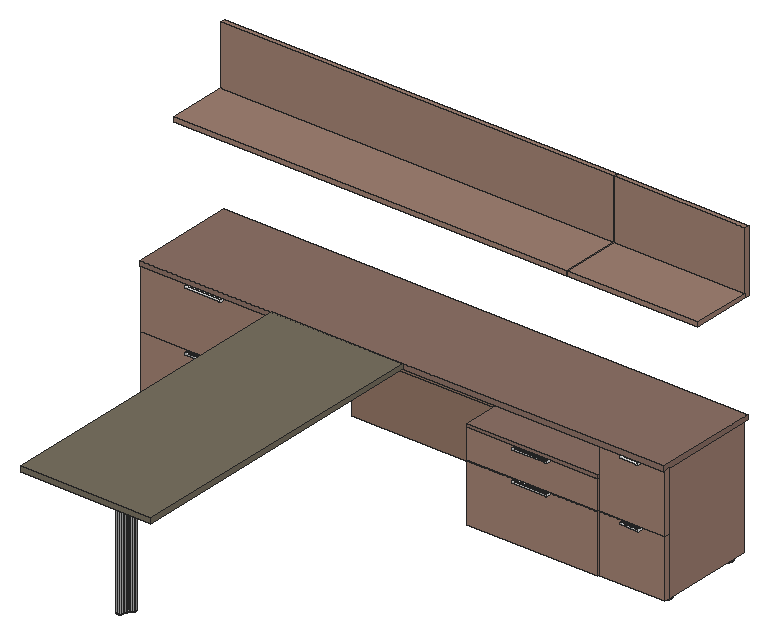
Revit family "T100092", category Furniture, Revit 2015
Parameters (values of type "T100092")
  URL = "https://ofs.com/"
  Model = "T100092"
  Manufacturer = "OFS"
  Description = "OFS TYPICAL T100092"
  Copyright © = "©OFS 2021"
  Catalog = "https://ofs.com/2020-experience"
  Authoring Version = "Autodesk Revit Architecture 2015"
  Assembly Code = "E2020400"
Reference planes (in)
  plane 1 "Center Front/Back": y = 0
  plane 2: z = 0
  plane 3 "Center Left/Right": x = 0
Dimensions and locks (in)
  aligned and locked: level to plane 2
  aligned and locked: nested 12 to nested 11
Nested families (in)
  nested 1: "OFS_APTOS_MODULAR_CABINET_TOP_LONG_GRAIN" at (-0.00001, 16.6243, 0) x (-1, 0, 0) z (0, 0, 1), type "MODULAR CABINET TOP 34-12024"
  nested 2: "OFS_APTOS_FILLER_PANEL" at (49, 28.12379, 0.75) x (1, 0, 0) z (0, 0, 1), type "FILLER PANEL 34-2806."
    with W 0' - 8"
  nested 3: "OFS_APTOS_FOLD_ DOWN _ACCESS_ BACK _PANEL" at (9.51255, 25.6404, 0) x (0, -1, 0) z (0, 0, 1), type "FOLD DOWN ACCESS BACK PANEL 34-28MFBA"
  nested 4: "OFS_APTOS_RUNOFF _WORKSURFACE_RECTANGLE" at (-14.73264, -31.37571, 0) x (0, 1, 0) z (0, 0, 1), type "RUNOFF WORKSURFACE, RECTANGLE 34-7230"
  nested 5: "OFS_APTOS_LOW_HEIGHT_MODULAR_BACK_PANEL" at (29.77847, 22.21413, 0), type "LOW HEIGHT MODULAR BACK PANEL 34-L2830"
  nested 6: "OFS_APTOS_LOW_HEIGHT_MODULAR_CABINET_TOP_18_DEPTH_LONG_GRAIN" at (29.83847, 13.71463, 0), type "LOW HEIGHT MODULAR CABINET TOP, 18" DEPTH 34-L3018"
  nested 7: "APTOS LOW HEIGHT MODULAR PEDESTAL BOX-FILE 18IN Depth" at (29.84097, 21.40163, 0), type "APTOS LOW HEIGHT MODULAR PEDESTAL BOX/FILE 30""
  nested 8: "OFS_APTOS_TRIFOIL_COLUMN" at (-14.73263, -56.12803, 0) x (0, -1, 0) z (0, 0, 1), type "TRIFOIL COLUMN 34-TFC"
  nested 9: "APTOS WORKSURFACE HEIGHT MODULAR PEDESTAL FILE-FILE 15-18IN" at (52.5, 27.68934, 0), type "APTOS WORKSURFACE HEIGHT MODULAR PEDESTAL FILE-FILE 15W x 24D"
  nested 10: "APTOS WORKSURFACE HEIGHT MODULAR PEDESTAL FILE-FILE 30-36IN" at (-45, 27.49929, 0), type "APTOS WORKSURFACE HEIGHT MODULAR PEDESTAL FILE-FILE 30W x 24D"
  nested 11: "APTOS WALLMOUNT OPEN SHELF ORGANIZER Cantilevered Fixed Shelf" at (45.11188, 28.75, 0), type "APTOS WALLMOUNT OPEN SHELF ORGANIZER Cantilevered Fixed Shelf 30""
    with Bottom Board Offset 4' - 5 3/4"
  nested 12: "APTOS WALLMOUNT OPEN SHELF ORGANIZER Cantilevered Fixed Shelf" at (-14.88812, 28.75, 0), type "APTOS WALLMOUNT OPEN SHELF ORGANIZER Cantilevered Fixed Shelf 90""
    with Bottom Board Offset 4' - 5 3/4"
  nested 13: "OFS_APTOS_FILLER_PANEL" at (-56, 28.12379, 0.75) x (1, 0, 0) z (0, 0, 1), type "FILLER PANEL 34-2806."
    with W 0' - 8"
  nested 14: "OFS_APTOS_FILLER_PANEL" at (9.51255, 28.09901, 0), type "FILLER PANEL 34-2806"
Definition of nested family "OFS_APTOS_MODULAR_CABINET_TOP_LONG_GRAIN"
  Parameters (values of type "MODULAR CABINET TOP 34-9024")
    W = 7' - 6"
    URL = "http://ofsbrands.com/products/casegoods/private-office/aptos"
    Model = "34-9024MCT"
    Manufacturer = "OFS BRANDS"
    H = 0' - 1 3/16"
    MODULAR CABINET TOP = none
    Description = "OFS BRANDS Aptos Series"
    D = 2' - 0"
    Cost = 0
    Copyright © = "© OFS BRANDS 2016"
    Catalog = "OFS BRANDS http://ofs.com"
    Authoring Version = "Autodesk Revit Architecture 2013"
    Assembly Code = "E2020200"
  Types (17): name | W | Model
    (no name) | 7' - 6" | "34-9024MCT"
    MODULAR CABINET TOP 34-11424 | 9' - 6" | "34-11424MCT"
    MODULAR CABINET TOP 34-12024 | 10' - 0" | "34-12024MCT"
    MODULAR CABINET TOP 34-10824 | 9' - 0" | "34-10824MCT"
    MODULAR CABINET TOP 34-10224 | 8' - 6" | "34-10224MCT"
    MODULAR CABINET TOP 34-9624 | 8' - 0" | "34-9624MCT"
    MODULAR CABINET TOP 34-9024 | 7' - 6" | "34-9024MCT"
    MODULAR CABINET TOP 34-8424 | 7' - 0" | "34-8424MCT"
    MODULAR CABINET TOP 34-7824 | 6' - 6" | "34-7824MCT"
    MODULAR CABINET TOP 34-7224 | 6' - 0" | "34-7224MCT"
    MODULAR CABINET TOP 34-6624 | 5' - 6" | "34-6624MCT"
    MODULAR CABINET TOP 34-6024 | 5' - 0" | "34-6024MCT"
    MODULAR CABINET TOP 34-5424 | 4' - 6" | "34-5424MCT"
    MODULAR CABINET TOP 34-4824 | 4' - 0" | "34-4824MCT"
    MODELAR CABINET TOP 34-4224 | 3' - 6" | "34-4224MCT"
    MODELAR CABINET TOP 34-3624 | 3' - 0" | "34-3624MCT"
    MODULAR CABINET TOP 34-3024 | 2' - 6" | "34-3024MCT"
  Reference planes (in)
    plane 1 "Center (Front/Back)": y = 0
    plane 2: z = 0
    plane 3 "Center (Left/Right)": x = 0
    plane 4: x = -45
    plane 5: x = 45
    plane 6: y = 12
    plane 7: y = -12
    plane 8: z = 28.3125
    plane 9: z = 29.5
  Forms (in)
    Extrusion 1, solid, material <- "MODULAR CABINET TOP"
      sketch origin (0, 0, 0) x (1, 0, 0) y (0, 1, 0)
        loop
          line (-45, 12) -> (-45, -12) -> (45, -12) -> (45, 12) -> (-45, 12)
      from 28.3125 to 29.5
  Dimensions and locks (in)
    equal spacing: plane 4, plane 3 "Center (Left/Right)", plane 5
    equal spacing: plane 7, plane 1 "Center (Front/Back)", plane 6
    "D": plane 7 to plane 6
    "H": plane 9 to plane 8
    plane 8 to level = 2' - 4 5/16"
    "W": plane 4 to plane 5
    aligned and locked: level to plane 2
    aligned and locked: plane 6 to Extrusion 1 sketch curve
    aligned and locked: plane 4 to Extrusion 1 sketch curve
    aligned and locked: Extrusion 1 sketch curve to plane 7
    aligned and locked: Extrusion 1 sketch curve to plane 5
    aligned and locked: Extrusion 1 to plane 9
    aligned and locked: Extrusion 1 to plane 8
Definition of nested family "OFS_APTOS_FILLER_PANEL"
  Parameters (values of type "FILLER PANEL 34-2806")
    W = 0' - 6"
    URL = "http://ofsbrands.com/products/casegoods/private-office/aptos"
    Model = "34-2806BFP"
    Manufacturer = "OFS BRANDS"
    FILLER PANEL = none
    Description = "OFS BRANDS Aptos Series"
    D = 0' - 1"
    Cost = 0
    Copyright © = "© OFS BRANDS 2016"
    Catalog = "OFS BRANDS http://ofs.com"
    Authoring Version = "Autodesk Revit Architecture 2013"
    Assembly Code = "E2020200"
    1 = 0' - 0.06"
  Reference planes (in)
    plane 1 "Center (Front/Back)": y = 0
    plane 2: z = 0
    plane 3 "Center (Left/Right)": x = 0
    plane 4: x = -3
    plane 5: x = 3
    plane 6: y = 0.5
    plane 7: y = -0.5
    plane 8: z = 1.5
    plane 9: z = 28.312
    plane 10: y = -0.61861
    plane 11: x = -2.94
    plane 12: x = -2.25
    plane 13: x = 2.94
    plane 14: x = 2.25
    plane 15: z = 28.2495
    plane 16: z = 1.5625
  Forms (in)
    Extrusion 1, solid, material <- "FILLER PANEL"
      sketch origin (0, 0, 0) x (1, 0, 0) y (0, 1, 0)
        loop
          line (-3, 0.5) -> (-3, -0.5) -> (3, -0.5) -> (3, 0.5) -> (-3, 0.5)
      from 1.5 to 28.312
    Extrusion 2, solid, material <- "FILLER PANEL"
      sketch origin (0, 0, 0) x (1, 0, 0) y (0, 1, 0)
        loop
          line (-2.94, -0.5) -> (-2.94, -0.61861) -> (-2.25, -0.61861) -> (-2.25, -0.5) -> (-2.94, -0.5)
      from 1.5625 to 28.2495
    Extrusion 3, solid, material <- "FILLER PANEL"
      sketch origin (0, 0, 0) x (1, 0, 0) y (0, 1, 0)
        loop
          line (2.25, -0.5) -> (2.25, -0.61861) -> (2.94, -0.61861) -> (2.94, -0.5) -> (2.25, -0.5)
      from 1.5625 to 28.2495
  Dimensions and locks (in)
    equal spacing: plane 7, plane 1 "Center (Front/Back)", plane 6
    "D": plane 7 to plane 6
    "W": plane 4 to plane 5
    equal spacing: plane 4, plane 3 "Center (Left/Right)", plane 5
    locked: plane 10 to plane 7 at 0.11861
    "1": plane 4 to plane 11
    locked: plane 11 to plane 12 at 0.69
    locked: plane 14 to plane 13 at 0.69
    "1": plane 13 to plane 5
    aligned and locked: level to plane 2
    aligned and locked: plane 6 to Extrusion 1 sketch curve
    aligned and locked: plane 4 to Extrusion 1 sketch curve
    aligned and locked: Extrusion 1 sketch curve to plane 7
    aligned and locked: Extrusion 1 sketch curve to plane 5
    aligned and locked: plane 7 to Extrusion 2 sketch curve
    aligned and locked: plane 11 to Extrusion 2 sketch curve
    aligned and locked: Extrusion 2 sketch curve to plane 10
    aligned and locked: Extrusion 2 sketch curve to plane 12
    aligned and locked: plane 15 to Extrusion 2
    aligned and locked: Extrusion 2 to plane 16
    aligned and locked: plane 7 to Extrusion 3 sketch curve
    aligned and locked: plane 14 to Extrusion 3 sketch curve
    aligned and locked: Extrusion 3 sketch curve to plane 10
    aligned and locked: Extrusion 3 sketch curve to plane 13
    aligned and locked: plane 15 to Extrusion 3
    aligned and locked: Extrusion 1 to plane 8
    aligned and locked: plane 9 to Extrusion 1
Definition of nested family "OFS_APTOS_FOLD_ DOWN _ACCESS_ BACK _PANEL"
  Parameters (values of type "FOLD DOWN ACCESS BACK PANEL 34-28MFBB")
    W = 4' - 0.06"
    URL = "http://ofsbrands.com/products/casegoods/private-office/aptos"
    Support Bracket in Center Attaches to Worksurface = yes
    Support Bracket = none
    Model = "34-28MFBB"
    Manufacturer = "OFS BRANDS"
    H2 = 0' - 10.99482"
    H1 = 1' - 1 15/64"
    H = 2' - 2.48325"
    FOOT_2 = none
    FOOT = none
    Panel = none
    Description = "OFS BRANDS Aptos Series"
    D = 0' - 5 3/4"
    Cost = 0
    Copyright © = "© OFS BRANDS 2016"
    Catalog = "OFS BRANDS http://ofs.com"
    Authoring Version = "Autodesk Revit Architecture 2013"
    Assembly Code = "E2020200"
  Types (5): name | W | Support Bracket in Center Attaches to Worksurface | Model
    (no name) | 4' - 0.06" | yes | "34-28MFBB"
    FOLD DOWN ACCESS BACK PANEL 34-28MFBD | 1' - 0" | no | "34-28MFBD"
    FOLD DOWN ACCESS BACK PANEL 34-28MFBC | 2' - 6" | no | "34-28MFBC"
    FOLD DOWN ACCESS BACK PANEL 34-28MFBB | 4' - 0.06" | yes | "34-28MFBB"
    FOLD DOWN ACCESS BACK PANEL 34-28MFBA | 5' - 11" | yes | "34-28MFBA"
  Reference planes (in)
    plane 1 "Center (Front/Back)": y = 0
    plane 2: z = 0
    plane 3 "Center (Left/Right)": x = 0
    plane 4: x = -2.875
    plane 5: x = 2.875
    plane 6: y = 24.03
    plane 7: y = -24.03
    plane 8 "F2": y = 22.00621
    plane 9 "F1": y = -22.0534
    plane 10: z = 1.533
    plane 11: z = 28.01625
    plane 12: z = 14.76737
    plane 13: z = 14.80084
    plane 14: y = -0.3984
    plane 15: y = 0.3984
    plane 16: z = 25.79566
    plane 17: y = -23.3034
    plane 18: y = 23.2566
    plane 19: x = 2.12238
    plane 20 "C/F1": x = -0.38035
    plane 21: z = 2.303
  Forms (in)
    Revolve 1, solid, material <- "FOOT"
      sketch origin (0, -22.0534, 0) x (1, 0, 0) y (0, 0, 1)
        loop
          line (-1.25039, 1.533) -> (-1.22861, 0.28477)
          arc (-1.22861, 0.28477) -> (-1.2202, 0.26319) -> (-1.20117, 0.25) r 0.0396
          line (-1.20117, 0.25) -> (-0.38035, 0.25) -> (-0.38035, 1.533) -> (-1.25039, 1.533)
        axis (-0.38035, 1.533) -> (-0.38035, 0.25)
      angle from 0 to 360
    Revolve 2, solid, material <- "FOOT_2"
      sketch origin (0, -22.0534, 0) x (1, 0, 0) y (0, 0, 1)
        loop
          line (-0.31794, 0.27519) -> (-0.31794, 0.2076)
          arc (-0.31794, 0.2076) -> (-0.30116, 0.18781) -> (-0.27956, 0.17346) r 0.09254
          line (-0.27956, 0.17346) -> (-0.16114, 0.17346) -> (-0.16114, 0) -> (0.0425, 0)
          arc (0.0425, 0) -> (0.15303, 0.11053) -> (0.0425, 0.22106) r 0.11053
          line (0.0425, 0.22106) -> (-0.0155, 0.22106) -> (-0.0155, 0.27519) -> (-0.31794, 0.27519)
        axis (-0.38035, 0.27519) -> (-0.38035, 0)
      angle from 0 to 360
    Revolve 3, solid, material <- "FOOT"
      sketch origin (0, 22.00621, 0) x (1, 0, 0) y (0, 0, 1)
        loop
          line (-0.38035, 0.25) -> (0.43242, 0.25)
          arc (0.43242, 0.25) -> (0.45657, 0.25988) -> (0.46687, 0.28385) r 0.03445
          line (0.46687, 0.28385) -> (0.48868, 1.533) -> (-0.38035, 1.533) -> (-0.38035, 0.25)
        axis (-0.38035, 0.25) -> (-0.38035, 1.533)
      angle from 0 to 360
    Revolve 4, solid, material <- "FOOT_2"
      sketch origin (0, 22.00621, 0) x (1, 0, 0) y (0, 0, 1)
        loop
          line (-0.32347, 0.283) -> (-0.32347, 0.2406)
          arc (-0.32347, 0.2406) -> (-0.31333, 0.20185) -> (-0.28509, 0.17346) r 0.0769
          line (-0.28509, 0.17346) -> (-0.16667, 0.17346) -> (-0.16667, 0) -> (0.0439, 0)
          arc (0.0439, 0) -> (0.1543, 0.11039) -> (0.0439, 0.22079) r 0.11039
          line (0.0439, 0.22079) -> (-0.01518, 0.22079) -> (-0.01518, 0.283) -> (-0.32347, 0.283)
        axis (-0.38035, 0.283) -> (-0.38035, 0)
      angle from 0 to 360
    Extrusion 5, solid, material <- "Panel"
      sketch origin (0, 0, 0) x (1, 0, 0) y (0, 1, 0)
        loop
          line (-2.875, 24.03) -> (-2.875, 23.2566) -> (2.12238, 23.2566) -> (2.12238, 24.03) -> (-2.875, 24.03)
      from 1.533 to 28.01625
    Extrusion 6, solid, material <- "Panel"
      sketch origin (0, 0, 0) x (1, 0, 0) y (0, 1, 0)
        loop
          line (-2.875, -23.3034) -> (-2.875, -24.03) -> (2.12238, -24.03) -> (2.12238, -23.3034) -> (-2.875, -23.3034)
      from 1.533 to 28.01625
    Extrusion 7, solid, material <- "Panel"
      sketch origin (0, 0, 0) x (1, 0, 0) y (0, 1, 0)
        loop
          line (2.875, 24.03) -> (2.12238, 24.03) -> (2.12238, -24.03) -> (2.875, -24.03) -> (2.875, 24.03)
      from 1.533 to 14.76737
    Extrusion 8, solid, material <- "Panel"
      sketch origin (0, 0, 13.26784) x (1, 0, 0) y (0, 1, 0)
        loop
          line (2.875, 24.03) -> (2.12238, 24.03) -> (2.12238, -24.03) -> (2.875, -24.03) -> (2.875, 24.03)
      from 1.533 to 12.52782
    Extrusion 9, solid, material <- "Panel"
      sketch origin (0, 0, 0) x (1, 0, 0) y (0, 1, 0)
        loop
          line (-2.875, 23.2566) -> (-2.875, -23.3034) -> (2.12238, -23.3034) -> (2.12238, 23.2566) -> (-2.875, 23.2566)
      from 1.533 to 2.303
    Extrusion 10, solid, material <- "Panel", visible <- "Support Bracket in Center Attaches to Worksurface"
      sketch origin (0, 0, 0) x (1, 0, 0) y (0, 1, 0)
        loop
          line (-2.875, 0.3984) -> (-2.875, -0.3984) -> (2.12238, -0.3984) -> (2.12238, 0.3984) -> (-2.875, 0.3984)
      from 2.303 to 27.76625
    Extrusion 11, solid, material <- "Panel", visible <- "Support Bracket in Center Attaches to Worksurface"
      sketch origin (0, 0, 0) x (0, 1, 0) y (0, 0, 1)
        loop
          line (0.05, 25.79566) -> (-0.05, 25.79566) -> (-0.05, 14.80084) -> (0.05, 14.80084) -> (0.05, 25.79566)
      from 2.12238 to 2.875
  Dimensions and locks (in)
    equal spacing: plane 4, plane 3 "Center (Left/Right)", plane 5
    equal spacing: plane 7, plane 1 "Center (Front/Back)", plane 6
    "W": plane 7 to plane 6
    "D": plane 4 to plane 5
    locked: plane 8 "F2" to plane 6 at 2.02379
    locked: plane 9 "F1" to plane 7 at 1.9766
    plane 11 to plane 10 = 2' - 2.48325"
    plane 10 to level = 0' - 1.533"
    plane 13 to plane 12 = 0' - 0.03346"
    "H1": plane 12 to plane 10
    equal spacing: plane 15, plane 1 "Center (Front/Back)", plane 14
    plane 15 to plane 14 = 0' - 0.7968"
    "H": plane 11 to plane 10
    "H2": plane 16 to plane 13
    plane 7 to Extrusion 8 = 4' - 0.06"
    locked: plane 19 to plane 5 at 0.75262
    locked: plane 18 to plane 6 at 0.7734
    locked: plane 7 to plane 17 at 0.7266
    plane 7 to Extrusion 9 = 3' - 11.2866"
    aligned and locked: level to plane 2
    aligned and locked: Revolve 1 to Revolve 2 sketch curve
    aligned and locked: plane 6 to Extrusion 5 sketch curve
    aligned and locked: Extrusion 5 sketch curve to plane 18
    aligned and locked: plane 4 to Extrusion 5 sketch curve
    aligned and locked: Extrusion 6 sketch curve to plane 7
    aligned and locked: plane 17 to Extrusion 6 sketch curve
    aligned and locked: plane 4 to Extrusion 6 sketch curve
    aligned and locked: plane 11 to Extrusion 6
    aligned and locked: Extrusion 6 to plane 10
    aligned and locked: plane 7 to Extrusion 7 sketch curve
    aligned and locked: Extrusion 7 sketch curve to plane 19
    aligned and locked: plane 5 to Extrusion 7 sketch curve
    aligned and locked: Extrusion 7 sketch curve to plane 6
    aligned and locked: plane 12 to Extrusion 7
    aligned and locked: Extrusion 7 to plane 10
    aligned and locked: plane 16 to Extrusion 8
    aligned and locked: plane 7 to Extrusion 8
    aligned and locked: Extrusion 8 to plane 6
    aligned and locked: Extrusion 5 sketch curve to plane 19
    aligned and locked: Extrusion 6 sketch curve to plane 19
    aligned and locked: Extrusion 9 sketch curve to Extrusion 5  (x2)
    aligned and locked: Extrusion 9 sketch curve to Extrusion 6  (x2)
    aligned and locked: plane 21 to Extrusion 9
    aligned and locked: Extrusion 9 to plane 10
    aligned and locked: Revolve 2 sketch curve to plane 20 "C/F1"
    aligned and locked: Revolve 1 sketch curve to plane 20 "C/F1"
    aligned and locked: Revolve 1 sketch curve to Revolve 1 sketch curve
    aligned and locked: Revolve 3 sketch curve to plane 20 "C/F1"
    aligned and locked: Revolve 3 sketch curve to Revolve 3 sketch curve
    aligned and locked: plane 20 "C/F1" to Revolve 4 sketch curve
    aligned and locked: plane 15 to Extrusion 10 sketch curve
    aligned and locked: plane 4 to Extrusion 10 sketch curve
    aligned and locked: Extrusion 10 sketch curve to plane 14
    aligned and locked: Extrusion 10 sketch curve to plane 19
    aligned and locked: Extrusion 10 to Extrusion 9
    aligned and locked: plane 1 "Center (Front/Back)" to nested 1
    aligned and locked: Extrusion 11 sketch curve to plane 16
    aligned and locked: plane 13 to Extrusion 11 sketch curve
    aligned and locked: Extrusion 8 to Extrusion 11
    aligned and locked: Extrusion 11 to Extrusion 10
  Automatic sketch dimensions
    plane 6 to Extrusion 8 sketch curve = 0' - 0"
    Extrusion 8 sketch curve to plane 19 = 0' - 0"
    Extrusion 8 sketch curve to plane 5 = 0' - 0"
    plane 7 to Extrusion 8 sketch curve = 0' - 0"
    Revolve 2 sketch curve to level = 0' - 0"
    Revolve 2 sketch curve to plane 20 "C/F1" = 0' - 0.06242"
    Revolve 2 sketch curve to Revolve 2 sketch curve = 0' - 0.03838"
    plane 3 "Center (Left/Right)" to Revolve 2 sketch curve = 0' - 0.16114"
    plane 3 "Center (Left/Right)" to Revolve 2 sketch curve = 0' - 0.0155"
    Revolve 2 sketch curve to Revolve 2 sketch curve = 0' - 0.0399"
    Revolve 2 sketch curve to Revolve 2 sketch curve = 0' - 0.04761"
    Revolve 2 sketch curve to Revolve 2 sketch curve = 0' - 0.0424"
    Revolve 2 sketch curve to Revolve 2 sketch curve = 0' - 0.05412"
    level to Revolve 2 sketch curve = 0' - 0.30361"
    Revolve 2 sketch curve to level = 0' - 0.11053"
    Revolve 2 sketch curve to plane 3 "Center (Left/Right)" = 0' - 0.0425"
    Revolve 1 sketch curve to plane 10 = 0' - 0"
    Revolve 1 sketch curve to level = 0' - 0 1/4"
    Revolve 1 sketch curve to Revolve 1 sketch curve = 0' - 0.02744"
    Revolve 1 sketch curve to Revolve 1 sketch curve = 0' - 0.03949"
    level to Revolve 1 sketch curve = 0' - 0.91391"
    Revolve 1 sketch curve to Revolve 1 sketch curve = 0' - 0.03773"
    plane 21 to Revolve 1 sketch curve = 0' - 0.36257"
    Revolve 3 sketch curve to plane 10 = 0' - 0"
    level to Revolve 3 sketch curve = 0' - 0 1/4"
    plane 3 "Center (Left/Right)" to Revolve 3 sketch curve = 0' - 0.43242"
    level to Revolve 3 sketch curve = 0' - 0.28385"
    Revolve 3 sketch curve to Revolve 3 sketch curve = 0' - 0.03445"
    plane 3 "Center (Left/Right)" to Revolve 3 sketch curve = 0' - 0.48868"
    Revolve 3 sketch curve to level = 0' - 0 1/4"
    Revolve 3 sketch curve to plane 21 = 0' - 0.303"
    Revolve 4 sketch curve to level = 0' - 0"
    plane 20 "C/F1" to Revolve 4 sketch curve = 0' - 0.05688"
    Revolve 4 sketch curve to Revolve 4 sketch curve = 0' - 0.03838"
    Revolve 4 sketch curve to plane 3 "Center (Left/Right)" = 0' - 0.16667"
    Revolve 4 sketch curve to plane 3 "Center (Left/Right)" = 0' - 0.01518"
    Revolve 4 sketch curve to Revolve 4 sketch curve = 0' - 0.03852"
    plane 3 "Center (Left/Right)" to Revolve 4 sketch curve = 0' - 0.0439"
    Revolve 4 sketch curve to Revolve 4 sketch curve = 0' - 0.04733"
    Revolve 4 sketch curve to Revolve 4 sketch curve = 0' - 0.06714"
    Revolve 4 sketch curve to Revolve 4 sketch curve = 0' - 0.06221"
    Revolve 4 sketch curve to level = 0' - 0.30891"
    Revolve 4 sketch curve to Revolve 4 sketch curve = 0' - 0.11039"
    Revolve 4 sketch curve to Revolve 4 sketch curve = 0' - 0.217"
    plane 20 "C/F1" to Revolve 1 sketch curve = 0' - 0.87004"
    plane 20 "C/F1" to Revolve 1 sketch curve = 0' - 0.84826"
    plane 1 "Center (Front/Back)" to Extrusion 11 sketch curve = 0' - 0.05"
    Extrusion 11 sketch curve to plane 1 "Center (Front/Back)" = 0' - 0.05"
  Nested families (in)
    nested 1: "Support Bracket" at (2.875, 0, 0), visible <- "Support Bracket in Center Attaches to Worksurface", type "Support Bracket"
  Definition of nested family "Support Bracket"
    Parameters
      Support Bracket = none
    Reference planes (in)
      plane 1 "Center (Front/Back)": y = 0
      plane 2: z = 0
      plane 3 "Center (Left/Right)": x = 0
    Forms (in)
      Extrusion 1, solid, material <- "Support Bracket"
        sketch origin (0, 0, 0) x (0, 1, 0) y (0, 0, 1)
          loop
            line (0.375, 26.01625) -> (0.5, 26.01625) -> (0.5, 28.01625) -> (-0.5, 28.01625) -> (-0.5, 26.01625) -> (-0.375, 26.01625) -> (-0.375, 27.89125) -> (0.375, 27.89125) -> (0.375, 26.01625)
        from -5.75 to 9.45905
      Extrusion 2, void
        sketch origin (0, 0, 0) x (1, 0, 0) y (0, 0, 1)
          loop
            line (10.99821, 27.4092) -> (-0.75, 26.01625) -> (-0.75, 25.01625) -> (10.99821, 24.81118) -> (10.99821, 27.4092)
        from -6.30578 to 12
    Cuts and joins
      Extrusion 2 cuts Extrusion 1
    Dimensions and locks (in)
      aligned and locked: level to plane 2
Definition of nested family "OFS_APTOS_RUNOFF _WORKSURFACE_RECTANGLE"
  Parameters (values of type "RUNOFF WORKSURFACE, RECTANGLE 34-6030")
    W = 5' - 0"
    URL = "http://ofsbrands.com/products/casegoods/private-office/aptos"
    Model = "34-6030RT"
    Manufacturer = "OFS BRANDS"
    LOW HEIGHT MODULAR CABINET TOP = none
    Description = "OFS BRANDS  APTOS SERIES"
    D = 2' - 6"
    Copyright © = "© OFS BRANDS 2016"
    Catalog = "OFS BRANDS http://ofs.com"
    Authoring Version = "Autodesk Revit Architecture 2013"
    Assembly Code = "E2020200"
  Types (7): name | W | Model | D
    (no name) | 5' - 0" | "34-6030RT" | 2' - 6"
    RUNOFF WORKSURFACE, RECTANGLE 34-7236 | 6' - 0" | "34-7236RT" | 3' - 0"
    RUNOFF WORKSURFACE, RECTANGLE 34-6636 | 5' - 6" | "34-6636RT" | 3' - 0"
    RUNOFF WORKSURFACE, RECTANGLE 34-6036 | 5' - 0" | "34-6036RT" | 3' - 0"
    RUNOFF WORKSURFACE, RECTANGLE 34-7230 | 6' - 0" | "34-7230RT" | 2' - 6"
    RUNOFF WORKSURFACE, RECTANGLE 34-6630 | 5' - 6" | "34-6630RT" | 2' - 6"
    RUNOFF WORKSURFACE, RECTANGLE 34-6030 | 5' - 0" | "34-6030RT" | 2' - 6"
  Reference planes (in)
    plane 1 "Center (Front/Back)": y = 0
    plane 2: z = 0
    plane 3 "Center (Left/Right)": x = 0
    plane 4: x = -30
    plane 5: x = 30
    plane 6: y = 15
    plane 7: y = -15
    plane 8: z = 28.31
    plane 9: z = 29.5
  Forms (in)
    Extrusion 1, solid, material <- "LOW HEIGHT MODULAR CABINET TOP"
      sketch origin (0, 0, 0) x (1, 0, 0) y (0, 1, 0)
        loop
          line (-30, 15) -> (-30, -15) -> (30, -15) -> (30, 15) -> (-30, 15)
      from 28.31 to 29.5
  Dimensions and locks (in)
    equal spacing: plane 7, plane 1 "Center (Front/Back)", plane 6
    equal spacing: plane 4, plane 3 "Center (Left/Right)", plane 5
    "W": plane 4 to plane 5
    "D": plane 7 to plane 6
    locked: plane 9 to plane 8 at 1.19
    locked: plane 8 to plane 2 at 28.31
    aligned and locked: level to plane 2
    aligned and locked: plane 6 to Extrusion 1 sketch curve
    aligned and locked: plane 4 to Extrusion 1 sketch curve
    aligned and locked: Extrusion 1 sketch curve to plane 7
    aligned and locked: Extrusion 1 sketch curve to plane 5
    aligned and locked: Extrusion 1 to plane 9
    aligned and locked: plane 8 to Extrusion 1
Definition of nested family "OFS_APTOS_LOW_HEIGHT_MODULAR_BACK_PANEL"
  Parameters (values of type "LOW HEIGHT MODULAR BACK PANEL 34-L2860")
    W = 5' - 0"
    URL = "http://ofsbrands.com/products/casegoods/private-office/aptos"
    Model = "34-L2860MCB"
    Manufacturer = "OFS BRANDS"
    MODULAR BACK PANEL = none
    Description = "OFS BRANDS Aptos Series"
    D = 0' - 1"
    Cost = 0
    Copyright © = "© OFS BRANDS 2016"
    Catalog = "OFS BRANDS http://ofs.com"
    Authoring Version = "Autodesk Revit Architecture 2013"
    Assembly Code = "E2020200"
    W1 = 0' - 0.06"
  Types (15): name | W | Model
    (no name) | 5' - 0" | "34-L2860MCB"
    LOW HEIGHT MODULAR BACK PANEL 34-L28108 | 9' - 0" | "34-L28108MCB"
    LOW HEIGHT MODULAR BACK PANEL 34-L28102 | 8' - 6" | "34-L28102MCB"
    LOW HEIGHT MODULAR BACK PANEL 34-L2896 | 8' - 0" | "34-L2896MCB"
    LOW HEIGHT MODULAR BACK PANEL 34-L2890 | 7' - 6" | "34-L2890MCB"
    LOW HEIGHT MODULAR BACK PANEL 34-L2884 | 7' - 0" | "34-L2884MCB"
    LOW HEIGHT MODULAR BACK PANEL 34-L2878 | 6' - 6" | "34-L2878MCB"
    LOW HEIGHT MODULAR BACK PANEL 34-L2872 | 6' - 0" | "34-L2872MCB"
    LOW HEIGHT MODULAR BACK PANEL 34-L2866 | 5' - 6" | "34-L2866MCB"
    LOW HEIGHT MODULAR BACK PANEL 34-L2860 | 5' - 0" | "34-L2860MCB"
    LOW HEIGHT MODULAR BACK PANEL 34-L2854 | 4' - 6" | "34-L2854MCB"
    LOW HEIGHT MODULAR BACK PANEL 34-L2848 | 4' - 0" | "34-L2848MCB"
    LOW HEIGHT MODULAR BACK PANEL 34-L2842 | 3' - 6" | "34-L2842MCB"
    LOW HEIGHT MODULAR BACK PANEL 34-L2836 | 3' - 0" | "34-L2836MCB"
    LOW HEIGHT MODULAR BACK PANEL 34-L2830 | 2' - 6" | "34-L2830MCB"
  Reference planes (in)
    plane 1 "Center (Front/Back)": y = 0
    plane 2: z = 0
    plane 3 "Center (Left/Right)": x = 0
    plane 4: x = -30
    plane 5: x = 30
    plane 6: y = 0.5
    plane 7: y = -0.5
    plane 8: z = 1.5
    plane 9: z = 21.5
    plane 10: y = -0.61861
    plane 11: x = -29.94
    plane 12: x = -29.25
    plane 13: x = 29.94
    plane 14: x = 29.25
    plane 15: z = 21.4375
    plane 16: z = 1.5625
  Forms (in)
    Extrusion 1, solid, material <- "MODULAR BACK PANEL"
      sketch origin (0, 0, 0) x (1, 0, 0) y (0, 1, 0)
        loop
          line (-30, 0.5) -> (-30, -0.5) -> (30, -0.5) -> (30, 0.5) -> (-30, 0.5)
      from 1.5 to 21.5
    Extrusion 2, solid, material <- "MODULAR BACK PANEL"
      sketch origin (0, 0, 0) x (1, 0, 0) y (0, 1, 0)
        loop
          line (-29.94, -0.5) -> (-29.94, -0.61861) -> (-29.25, -0.61861) -> (-29.25, -0.5) -> (-29.94, -0.5)
      from 1.5625 to 21.4375
    Extrusion 3, solid, material <- "MODULAR BACK PANEL"
      sketch origin (0, 0, 0) x (1, 0, 0) y (0, 1, 0)
        loop
          line (29.25, -0.5) -> (29.25, -0.61861) -> (29.94, -0.61861) -> (29.94, -0.5) -> (29.25, -0.5)
      from 1.5625 to 21.4375
  Dimensions and locks (in)
    equal spacing: plane 7, plane 1 "Center (Front/Back)", plane 6
    "D": plane 7 to plane 6
    "W": plane 4 to plane 5
    equal spacing: plane 4, plane 3 "Center (Left/Right)", plane 5
    locked: plane 10 to plane 7 at 0.11861
    "W1": plane 4 to plane 11
    locked: plane 11 to plane 12 at 0.69
    locked: plane 14 to plane 13 at 0.69
    "W1": plane 13 to plane 5
    plane 9 to plane 8 = 1' - 8"
    locked: plane 9 to plane 15 at 0.0625
    plane 8 to level = 0' - 1 1/2"
    aligned and locked: level to plane 2
    aligned and locked: plane 6 to Extrusion 1 sketch curve
    aligned and locked: plane 4 to Extrusion 1 sketch curve
    aligned and locked: Extrusion 1 sketch curve to plane 7
    aligned and locked: Extrusion 1 sketch curve to plane 5
    aligned and locked: plane 7 to Extrusion 2 sketch curve
    aligned and locked: plane 11 to Extrusion 2 sketch curve
    aligned and locked: Extrusion 2 sketch curve to plane 10
    aligned and locked: Extrusion 2 sketch curve to plane 12
    aligned and locked: plane 15 to Extrusion 2
    aligned and locked: Extrusion 2 to plane 16
    aligned and locked: plane 7 to Extrusion 3 sketch curve
    aligned and locked: plane 14 to Extrusion 3 sketch curve
    aligned and locked: Extrusion 3 sketch curve to plane 10
    aligned and locked: Extrusion 3 sketch curve to plane 13
    aligned and locked: Extrusion 3 to plane 15
    aligned and locked: Extrusion 1 to plane 8
    aligned and locked: plane 9 to Extrusion 1
Definition of nested family "OFS_APTOS_LOW_HEIGHT_MODULAR_CABINET_TOP_18_DEPTH_LONG_GRAIN"
  Parameters (values of type "LOW HEIGHT MODULAR CABINET TOP, 18" DEPTH 34-L3018")
    W = 2' - 6"
    URL = "http://ofsbrands.com/products/casegoods/private-office/aptos"
    Model = "34-L3018MCT"
    Manufacturer = "OFS BRANDS"
    LOW HEIGHT MODULAR CABINET TOP = none
    Description = "OFS BRANDS  APTOS SERIES"
    D = 1' - 6"
    Copyright © = "© OFS BRANDS 2016"
    Catalog = "OFS BRANDS http://ofs.com"
    Authoring Version = "Autodesk Revit Architecture 2013"
    Assembly Code = "E2020200"
  Types (13): name | W | Model
    (no name) | 2' - 6" | "34-L3018MCT"
    LOW HEIGHT MODULAR CABINET TOP, 18" DEPTH 34-L9618 | 8' - 0" | "34-L9618MCT"
    LOW HEIGHT MODULAR CABINET TOP, 18" DEPTH 34-L9018 | 7' - 6" | "34-L9018MCT"
    LOW HEIGHT MODULAR CABINET TOP, 18" DEPTH 34-L8418 | 7' - 0" | "34-L8418MCT"
    LOW HEIGHT MODULAR CABINET TOP, 18" DEPTH 34-L7818 | 6' - 6" | "34-L7818MCT"
    LOW HEIGHT MODULAR CABINET TOP, 18" DEPTH 34-L7218 | 6' - 0" | "34-L7218MCT"
    LOW HEIGHT MODULAR CABINET TOP, 18" DEPTH 34-L6618 | 5' - 6" | "34-L6618MCT"
    LOW HEIGHT MODULAR CABINET TOP, 18" DEPTH 34-L6018 | 5' - 0" | "34-L6018MCT"
    LOW HEIGHT MODULAR CABINET TOP, 18" DEPTH 34-L5418 | 4' - 6" | "34-L5418MCT"
    LOW HEIGHT MODULAR CABINET TOP, 18" DEPTH 34-L4818 | 4' - 0" | "34-L4818MCT"
    LOW HEIGHT MODULAR CABINET TOP, 18" DEPTH 34-L4218 | 3' - 6" | "34-L4218MCT"
    LOW HEIGHT MODULAR CABINET TOP, 18" DEPTH 34-L3618 | 3' - 0" | "34-L3618MCT"
    LOW HEIGHT MODULAR CABINET TOP, 18" DEPTH 34-L3018 | 2' - 6" | "34-L3018MCT"
  Reference planes (in)
    plane 1 "Center (Front/Back)": y = 0
    plane 2: z = 0
    plane 3 "Center (Left/Right)": x = 0
    plane 4: x = -15
    plane 5: x = 15
    plane 6: y = 9
    plane 7: y = -9
    plane 8: z = 21.5
    plane 9: z = 22.25
  Forms (in)
    Extrusion 1, solid, material <- "LOW HEIGHT MODULAR CABINET TOP"
      sketch origin (0, 0, 0) x (1, 0, 0) y (0, 1, 0)
        loop
          line (-15, 9) -> (-15, -9) -> (15, -9) -> (15, 9) -> (-15, 9)
      from 21.5 to 22.25
  Dimensions and locks (in)
    equal spacing: plane 7, plane 1 "Center (Front/Back)", plane 6
    equal spacing: plane 4, plane 3 "Center (Left/Right)", plane 5
    "W": plane 4 to plane 5
    "D": plane 7 to plane 6
    locked: plane 9 to plane 8 at 0.75
    locked: plane 8 to plane 2 at 21.5
    aligned and locked: level to plane 2
    aligned and locked: plane 6 to Extrusion 1 sketch curve
    aligned and locked: plane 4 to Extrusion 1 sketch curve
    aligned and locked: Extrusion 1 sketch curve to plane 7
    aligned and locked: Extrusion 1 sketch curve to plane 5
    aligned and locked: Extrusion 1 to plane 9
    aligned and locked: plane 8 to Extrusion 1
Definition of nested family "APTOS LOW HEIGHT MODULAR PEDESTAL BOX-FILE 18IN Depth"
  Parameters (values of type "APTOS LOW HEIGHT MODULAR PEDESTAL BOX/FILE 36"")
    Width = 3' - 0"
    URL = "http://ofsbrands.com"
    Shelf Height = 1' - 1 3/16"
    Handle Lengh = 0' - 8"
    Drawer Gap = 0' - 0 1/8"
    Door Handle Material = none
    Board Thick Door = 0' - 1 1/8"
    Depth = 1' - 4 5/8"
    Board Material = none
    Model = "34-L3618MPD8"
    Manufacturer = "OFS"
    Leg Caps Material = none
    Leg Offset = 0' - 2"
    Height = 1' - 9 1/2"
    Description = "OFS BRANDS OFS APTOS APTOS LOW HEIGHT MODULAR PEDESTAL BOX/FILE 36\" One Box Drawer, One Lateral File Drawer"
    Copyright © = "© OFS BRANDS 2017"
    Catalog = "APTOS http://ofsbrands.com/products/casegoods/private-office/aptos"
    Bottom Board Offset = 0' - 1 1/2"
    Board Thick Top and Bot = 0' - 1"
    Board Thick Shelfs = 0' - 1"
    Board Thick Sides = 0' - 0 3/4"
    Board Thick Front = 0' - 0 3/4"
    Board Thick Back = 0' - 0 3/4"
    Authoring Version = "Autodesk Revit Architecture 2013"
    Assembly Code = "E2020200"
  Types (3): name | Width | Model | Description
    (no name) | 3' - 0" | "34-L3618MPD8" | "OFS BRANDS OFS APTOS APTOS LOW HEIGHT MODULAR PEDESTAL BOX/FILE 36\" One Box Drawer, One Lateral File Drawer"
    APTOS LOW HEIGHT MODULAR PEDESTAL BOX/FILE 30" | 2' - 6" | "34-L3018MPD8" | "OFS BRANDS OFS APTOS APTOS LOW HEIGHT MODULAR PEDESTAL BOX/FILE 30\" One Box Drawer, One Lateral File Drawer"
    APTOS LOW HEIGHT MODULAR PEDESTAL BOX/FILE 36" | 3' - 0" | "34-L3618MPD8" | "OFS BRANDS OFS APTOS APTOS LOW HEIGHT MODULAR PEDESTAL BOX/FILE 36\" One Box Drawer, One Lateral File Drawer"
  Reference planes (in)
    plane 1 "Center Front/Back": y = 0
    plane 2: z = 0
    plane 3 "Center Left/Right": x = 0
    plane 4 "Left End": x = -18
    plane 5 "Front End": y = -15.5
    plane 6 "Right End": x = 18
    plane 7 "Back End": y = 0
    plane 8 "Height Top": z = 21.5
    plane 9: x = -17.25
    plane 10: x = 17.25
    plane 11: z = 14.6875
    plane 12: z = 15.6875
    plane 13: z = 1.5
    plane 14: z = 2.5
    plane 15: y = -14.75
    plane 16: y = -2
    plane 17: y = -2
    plane 18: y = -13.5
    plane 19: y = -13.5
    plane 20: x = -16
    plane 21: x = 16
    plane 22: x = 16
    plane 23: x = -16
    plane 24: y = -16.625
    plane 25: z = 14.8125
    plane 26: x = -4
    plane 27: x = 4
    plane 28: y = -0.75
  Forms (in)
    Extrusion 1, solid, material <- "Board Material"
      sketch origin (0, 0, 0) x (1, 0, 0) y (0, 1, 0)
        loop
          line (-18, 0) -> (-18, -15.5) -> (-17.25, -15.5) -> (-17.25, 0) -> (-18, 0)
      from 1.5 to 21.5
    Extrusion 2, solid, material <- "Board Material"
      sketch origin (0, 0, 0) x (-1, 0, 0) y (0, -1, 0)
        loop
          line (-18, 0) -> (-17.25, 0) -> (-17.25, 15.5) -> (-18, 15.5) -> (-18, 0)
      from 1.5 to 21.5
    Extrusion 3, solid, material <- "Board Material"
      sketch origin (0, 0, 0) x (1, 0, 0) y (0, 1, 0)
        loop
          line (-17.25, 0) -> (-17.25, -15.5) -> (17.25, -15.5) -> (17.25, 0) -> (-17.25, 0)
      from 1.5 to 2.5
    Revolve 4, solid, material <- "Leg Caps Material"
      sketch origin (0, -2, 0) x (-1, 0, 0) y (0, 0, 1)
        loop
          line (15, 0.28743) -> (15.5, 0.28743)
          arc (15.5, 0.28743) -> (15.35629, 0.14371) -> (15.5, 0) r 0.14371
          line (15.5, 0) -> (16, 0) -> (16, 1.5) -> (15, 1.5) -> (15, 0.28743)
        axis (16, 1.5) -> (16, 0)
      angle from 0 to 360
    Revolve 5, solid, material <- "Leg Caps Material"
      sketch origin (0, -2, 0) x (1, 0, 0) y (0, 0, -1)
        loop
          line (15, -0.28743) -> (15, -1.5) -> (16, -1.5) -> (16, 0) -> (15.5, 0)
          arc (15.5, 0) -> (15.35629, -0.14371) -> (15.5, -0.28743) r 0.14371
          line (15.5, -0.28743) -> (15, -0.28743)
        axis (16, -1.5) -> (16, 0)
      angle from 0 to 360
    Revolve 6, solid, material <- "Leg Caps Material"
      sketch origin (0, -13.5, 0) x (-1, 0, 0) y (0, 0, -1)
        loop
          line (15, -0.28743) -> (15, -1.5) -> (16, -1.5) -> (16, 0) -> (15.5, 0)
          arc (15.5, 0) -> (15.35629, -0.14371) -> (15.5, -0.28743) r 0.14371
          line (15.5, -0.28743) -> (15, -0.28743)
        axis (16, -1.5) -> (16, 0)
      angle from 0 to 360
    Revolve 7, solid, material <- "Leg Caps Material"
      sketch origin (0, -13.5, 0) x (1, 0, 0) y (0, 0, 1)
        loop
          line (15, 0.28743) -> (15.5, 0.28743)
          arc (15.5, 0.28743) -> (15.35629, 0.14371) -> (15.5, 0) r 0.14371
          line (15.5, 0) -> (16, 0) -> (16, 1.5) -> (15, 1.5) -> (15, 0.28743)
        axis (16, 1.5) -> (16, 0)
      angle from 0 to 360
    Extrusion 8, solid, material <- "Board Material"
      sketch origin (0, 27.875, 0) x (1, 0, 0) y (0, 1, 0)
        loop
          line (-17.25, -27.875) -> (-17.25, -28.625) -> (17.25, -28.625) -> (17.25, -27.875) -> (-17.25, -27.875)
      from 2.5 to 21.5
    Extrusion 9, solid, material <- "Board Material"
      sketch origin (0, 0, 0) x (1, 0, 0) y (0, 1, 0)
        loop
          line (18, -15.5) -> (-18, -15.5) -> (-18, -16.625) -> (18, -16.625) -> (18, -15.5)
      from 1.5 to 14.6875
    Extrusion 10, solid, material <- "Board Material"
      sketch origin (0, 0, 0) x (1, 0, 0) y (0, 1, 0)
        loop
          line (18, -15.5) -> (-18, -15.5) -> (-18, -16.625) -> (18, -16.625) -> (18, -15.5)
      from 14.8125 to 21.5
    Extrusion 11, solid, material <- "Door Handle Material"
      sketch origin (0, 7.01942, -2.70267) x (0, 1, 0) y (0, 0, 1)
        loop
          arc (-24.44863, 17.3872) -> (-24.63506, 17.20076) -> (-24.44863, 17.01433) r 0.18644
          arc (-24.44863, 17.01433) -> (-24.36853, 17.01913) -> (-24.28958, 17.03348) r 0.66994
          arc (-24.28958, 17.03348) -> (-24.06675, 17.06125) -> (-23.84329, 17.03915) r 1.01098
          arc (-23.84329, 17.03915) -> (-23.74439, 17.02301) -> (-23.64442, 17.01609) r 1.08212
          line (-23.64442, 17.01609) -> (-23.64442, 17.39017)
          arc (-23.64442, 17.39017) -> (-23.74475, 17.37561) -> (-23.84329, 17.35174) r 1.08374
          arc (-23.84329, 17.35174) -> (-24.06697, 17.32316) -> (-24.28958, 17.35914) r 0.78757
          arc (-24.28958, 17.35914) -> (-24.36779, 17.38063) -> (-24.44863, 17.3872) r 0.43385
      from -4 to 4
    Extrusion 12, solid, material <- "Door Handle Material"
      sketch origin (0, 7.01942, 4.85983) x (0, 1, 0) y (0, 0, 1)
        loop
          arc (-24.44863, 16.6372) -> (-24.63506, 16.45076) -> (-24.44863, 16.26433) r 0.18644
          arc (-24.44863, 16.26433) -> (-24.36853, 16.26913) -> (-24.28958, 16.28348) r 0.66994
          arc (-24.28958, 16.28348) -> (-24.06675, 16.31125) -> (-23.84329, 16.28915) r 1.01098
          arc (-23.84329, 16.28915) -> (-23.74439, 16.27301) -> (-23.64442, 16.26609) r 1.08212
          line (-23.64442, 16.26609) -> (-23.64442, 16.64017)
          arc (-23.64442, 16.64017) -> (-23.74475, 16.62561) -> (-23.84329, 16.60174) r 1.08374
          arc (-23.84329, 16.60174) -> (-24.06697, 16.57316) -> (-24.28958, 16.60914) r 0.78757
          arc (-24.28958, 16.60914) -> (-24.36779, 16.63063) -> (-24.44863, 16.6372) r 0.43385
      from -4 to 4
  Dimensions and locks (in)
    equal spacing: plane 4 "Left End", plane 3 "Center Left/Right", plane 6 "Right End"
    "Width": plane 4 "Left End" to plane 6 "Right End"
    "Height": plane 8 "Height Top" to level
    "Board Thick Sides": plane 4 "Left End" to plane 9
    "Board Thick Sides": plane 10 to plane 6 "Right End"
    "Board Thick Shelfs": plane 12 to plane 11
    "Board Thick Top and Bot": plane 14 to plane 13
    "Bottom Board Offset": plane 13 to level
    "Board Thick Front": plane 15 to plane 5 "Front End"
    "Leg Offset": plane 18 to plane 5 "Front End"
    "Leg Offset": plane 19 to plane 5 "Front End"
    "Leg Offset": plane 16 to plane 7 "Back End"
    "Leg Offset": plane 17 to plane 7 "Back End"
    "Leg Offset": plane 4 "Left End" to plane 20
    "Leg Offset": plane 21 to plane 6 "Right End"
    "Leg Offset": plane 22 to plane 6 "Right End"
    "Leg Offset": plane 4 "Left End" to plane 23
    "Board Thick Door": plane 24 to plane 5 "Front End"
    "Shelf Height": plane 12 to plane 14
    "Drawer Gap": plane 25 to plane 11
    "Handle Lengh": plane 26 to plane 27
    "Board Thick Back": plane 28 to plane 1 "Center Front/Back"
    "Depth": plane 24 to plane 1 "Center Front/Back"
    equal spacing: plane 26, plane 3 "Center Left/Right", plane 27
    aligned and locked: level to plane 2
    aligned and locked: plane 5 "Front End" to Extrusion 1 sketch curve
    aligned and locked: plane 4 "Left End" to Extrusion 1 sketch curve
    aligned and locked: Extrusion 1 sketch curve to plane 9
    aligned and locked: Extrusion 2 to plane 5 "Front End"
    aligned and locked: plane 10 to Extrusion 2
    aligned and locked: Extrusion 2 to plane 6 "Right End"
    aligned and locked: plane 13 to Extrusion 2
    aligned and locked: plane 10 to Extrusion 3 sketch curve
    aligned and locked: plane 9 to Extrusion 3 sketch curve
    aligned and locked: plane 17 to Revolve 4
    aligned and locked: Revolve 5 to plane 16
    aligned and locked: plane 19 to Revolve 7
    aligned and locked: Revolve 6 to plane 18
    aligned and locked: Extrusion 3 to plane 14
    aligned and locked: Extrusion 3 to plane 13
    aligned and locked: Extrusion 9 to plane 13
    aligned and locked: Extrusion 9 to plane 6 "Right End"
    aligned and locked: Extrusion 10 to plane 6 "Right End"
    aligned and locked: Extrusion 9 to plane 11
    aligned and locked: Extrusion 10 to plane 25
    aligned and locked: Extrusion 11 to plane 27
    aligned and locked: Extrusion 11 to plane 26
    aligned and locked: Extrusion 8 to plane 28
    aligned and locked: Extrusion 8 to plane 1 "Center Front/Back"
    aligned and locked: Extrusion 1 to plane 1 "Center Front/Back"
    aligned and locked: Extrusion 2 to plane 1 "Center Front/Back"
    aligned and locked: Extrusion 3 to plane 1 "Center Front/Back"
    aligned and locked: Extrusion 1 to plane 13
    aligned and locked: Extrusion 10 to plane 4 "Left End"
    aligned and locked: Extrusion 9 to plane 4 "Left End"
    aligned and locked: plane 8 "Height Top" to Extrusion 10
    aligned and locked: plane 8 "Height Top" to Extrusion 8
    aligned and locked: plane 8 "Height Top" to Extrusion 1
    aligned and locked: plane 8 "Height Top" to Extrusion 2
    aligned and locked: Extrusion 12 to plane 27
    aligned and locked: Extrusion 12 to plane 26
    aligned and locked: Extrusion 8 to plane 10
    aligned and locked: Extrusion 8 to plane 9
    aligned and locked: Extrusion 8 to Extrusion 3
  Automatic sketch dimensions
    plane 1 "Center Front/Back" to Extrusion 1 sketch curve = 0' - 0"
    Extrusion 2 sketch curve to plane 5 "Front End" = 0' - 0"
    Extrusion 2 sketch curve to plane 6 "Right End" = 0' - 0"
    Extrusion 2 sketch curve to plane 10 = 0' - 0"
    plane 1 "Center Front/Back" to Extrusion 2 sketch curve = 0' - 0"
    Extrusion 3 sketch curve to plane 5 "Front End" = 0' - 0"
    plane 1 "Center Front/Back" to Extrusion 3 sketch curve = 0' - 0"
    Revolve 4 sketch curve to plane 13 = 0' - 0"
    Revolve 4 sketch curve to level = 0' - 0"
    plane 20 to Revolve 4 sketch curve = 0' - 0"  (x2)
    level to Revolve 4 sketch curve = 0' - 0.28743"
    Revolve 4 sketch curve to Revolve 4 sketch curve = 0' - 0 1/2"  (x3)
    Revolve 4 sketch curve to Revolve 4 sketch curve = 0' - 0"
    level to Revolve 4 sketch curve = 0' - 0.14371"
    Revolve 4 sketch curve to plane 14 = 0' - 0 1/4"
    Revolve 5 sketch curve to plane 13 = 0' - 0"
    Revolve 5 sketch curve to level = 0' - 0"
    Revolve 5 sketch curve to plane 21 = 0' - 0"  (x2)
    level to Revolve 5 sketch curve = 0' - 0.28743"
    Revolve 5 sketch curve to Revolve 5 sketch curve = 0' - 0 1/2"  (x2)
    Revolve 5 sketch curve to Revolve 5 sketch curve = 0' - 0"  (x2)
    Revolve 5 sketch curve to plane 14 = 0' - 0 1/4"
    Revolve 5 sketch curve to level = 0' - 0 1/2"
    Revolve 6 sketch curve to plane 13 = 0' - 0"
    Revolve 6 sketch curve to level = 0' - 0"
    plane 20 to Revolve 6 sketch curve = 0' - 0"  (x2)
    level to Revolve 6 sketch curve = 0' - 0.28743"
    Revolve 6 sketch curve to plane 20 = 0' - 0 1/2"
    Revolve 6 sketch curve to Revolve 6 sketch curve = 0' - 0 1/2"
    Revolve 6 sketch curve to Revolve 6 sketch curve = 0' - 0"  (x2)
    Revolve 6 sketch curve to plane 14 = 0' - 0 1/4"
    Revolve 6 sketch curve to level = 0' - 0 1/2"
    Revolve 7 sketch curve to plane 13 = 0' - 0"
    Revolve 7 sketch curve to level = 0' - 0"
    Revolve 7 sketch curve to plane 21 = 0' - 0"  (x2)
    level to Revolve 7 sketch curve = 0' - 0.28743"
    Revolve 7 sketch curve to plane 21 = 0' - 0 1/2"
    Revolve 7 sketch curve to Revolve 7 sketch curve = 0' - 0 1/2"  (x2)
    Revolve 7 sketch curve to Revolve 7 sketch curve = 0' - 0"
    level to Revolve 7 sketch curve = 0' - 0.14371"
    Revolve 7 sketch curve to plane 14 = 0' - 0 1/4"
    plane 4 "Left End" to Extrusion 8 sketch curve = 0' - 0 3/4"
    plane 6 "Right End" to Extrusion 8 sketch curve = 0' - 0 3/4"
    Extrusion 8 sketch curve to plane 28 = 0' - 0"
    plane 1 "Center Front/Back" to Extrusion 8 sketch curve = 0' - 0"
    Extrusion 9 sketch curve to plane 4 "Left End" = 0' - 0"
    Extrusion 9 sketch curve to plane 6 "Right End" = 0' - 0"
    plane 24 to Extrusion 9 sketch curve = 0' - 0"
    Extrusion 9 sketch curve to plane 5 "Front End" = 0' - 0"
    Extrusion 10 sketch curve to plane 4 "Left End" = 0' - 0"
    Extrusion 10 sketch curve to plane 6 "Right End" = 0' - 0"
    plane 24 to Extrusion 10 sketch curve = 0' - 0"
    Extrusion 10 sketch curve to plane 5 "Front End" = 0' - 0"
    Extrusion 11 sketch curve to plane 11 = 0' - 0"
    Extrusion 11 sketch curve to plane 24 = 0' - 0"
    Extrusion 11 sketch curve to plane 11 = 0' - 0.37408"
    plane 24 to Extrusion 11 sketch curve = 0' - 0.80421"
    Extrusion 11 sketch curve to Extrusion 11 sketch curve = 0' - 0.00546"
    Extrusion 11 sketch curve to plane 11 = 0' - 0.03103"
    Extrusion 11 sketch curve to Extrusion 11 sketch curve = 0' - 0.15905"  (x2)
    plane 24 to Extrusion 11 sketch curve = 0' - 0.4095"  (x2)
    Extrusion 11 sketch curve to plane 12 = 0' - 0.27955"
    Extrusion 11 sketch curve to plane 11 = 0' - 0.03843"
    plane 24 to Extrusion 11 sketch curve = 0' - 0.19887"
    Extrusion 11 sketch curve to plane 24 = 0' - 0.02468"
    Extrusion 11 sketch curve to plane 24 = 0' - 0.10528"
    Extrusion 11 sketch curve to Extrusion 11 sketch curve = 0' - 0.2612"
    Extrusion 11 sketch curve to Extrusion 11 sketch curve = 0' - 0.40575"
    Extrusion 11 sketch curve to Extrusion 11 sketch curve = 0' - 0.06095"
    Extrusion 11 sketch curve to Extrusion 11 sketch curve = 0' - 0"
    Extrusion 11 sketch curve to Extrusion 11 sketch curve = 0' - 0.01915"
    Extrusion 12 sketch curve to plane 8 "Height Top" = 0' - 0"
    Extrusion 12 sketch curve to plane 24 = 0' - 0"
    Extrusion 12 sketch curve to plane 8 "Height Top" = 0' - 0.37408"
    plane 24 to Extrusion 12 sketch curve = 0' - 0.80421"
    Extrusion 12 sketch curve to Extrusion 12 sketch curve = 0' - 0.00546"
    Extrusion 12 sketch curve to plane 8 "Height Top" = 0' - 0.03103"
    Extrusion 12 sketch curve to Extrusion 12 sketch curve = 0' - 0.15905"  (x2)
    plane 24 to Extrusion 12 sketch curve = 0' - 0.4095"  (x2)
    Extrusion 12 sketch curve to plane 8 "Height Top" = 0' - 0.03843"
    Extrusion 12 sketch curve to Extrusion 12 sketch curve = 0' - 0.19887"
    plane 24 to Extrusion 12 sketch curve = 0' - 0.19887"
    Extrusion 12 sketch curve to plane 24 = 0' - 0.02468"
    Extrusion 12 sketch curve to plane 24 = 0' - 0.10528"
    Extrusion 12 sketch curve to Extrusion 12 sketch curve = 0' - 0.2612"
    Extrusion 12 sketch curve to Extrusion 12 sketch curve = 0' - 0.40575"
    Extrusion 12 sketch curve to Extrusion 12 sketch curve = 0' - 0.06095"
    Extrusion 12 sketch curve to Extrusion 12 sketch curve = 0' - 0"
    Extrusion 12 sketch curve to Extrusion 12 sketch curve = 0' - 0.01915"
Definition of nested family "OFS_APTOS_TRIFOIL_COLUMN"
  Parameters (values of type "TRIFOIL COLUMN 34-TFC")
    URL = "http://ofsbrands.com/products/casegoods/private-office/aptos"
    Model = "34-TFC"
    Manufacturer = "OFS BRANDS"
    TRIFOIL COLUMN = none
    FOOT = none
    Description = "OFS BRANDS Aptos Series"
    Copyright © = "© OFS BRANDS 2016"
    Catalog = "OFS BRANDS http://ofs.com"
    Authoring Version = "Autodesk Revit Architecture 2013"
    Assembly Code = "E2020200"
  Reference planes (in)
    plane 1 "Center (Front/Back)": y = 0
    plane 2: z = 0
    plane 3 "Center (Left/Right)": x = 0
    plane 4: z = 28.1875
    plane 5: z = 28.375
    plane 6: y = 21
    plane 7: y = -21
    plane 8: z = 0.4375
    plane 9: z = 0.58007
  Forms (in)
    Extrusion 1, solid
      sketch origin (0, 0, 0) x (1, 0, 0) y (0, 1, 0)
        loop
          circle (0, 0) r 4.9999
      from 28.1875 to 28.375
    Extrusion 2, solid
      sketch origin (0, 0, 0) x (1, 0, 0) y (0, 1, 0)
        loop
          line (-0.36475, 1.90931) -> (-0.755, 1.96027) -> (-1.12388, 1.82309) -> (-1.386, 1.52951) -> (-1.48068, 1.1475) -> (-1.45024, 0.92643) -> (-1.36119, 0.72181) -> (-1.22014, 0.54887) -> (-1.13585, 0.45605) -> (-1.06819, 0.35048) -> (-1.01379, 0.22272)
          arc (-1.01379, 0.22272) -> (-0.99093, 0.19528) -> (-0.95673, 0.185) r 0.06202
          line (-0.95673, 0.185) -> (-0.83295, 0.185)
          arc (-0.83295, 0.185) -> (-0.80387, 0.21408) -> (-0.83295, 0.24316) r 0.02908
          line (-0.83295, 0.24316) -> (-0.89224, 0.24453)
          arc (-0.89224, 0.24453) -> (-0.91371, 0.26161) -> (-0.91319, 0.28904) r 0.03098
          line (-0.91319, 0.28904) -> (-0.82741, 0.44065) -> (-0.68392, 0.58176) -> (-0.50982, 0.67645)
          arc (-0.50982, 0.67645) -> (-0.47173, 0.67695) -> (-0.44978, 0.64581) r 0.04086
          arc (-0.44978, 0.64581) -> (-0.44715, 0.62156) -> (-0.44553, 0.59722) r 0.58591
          arc (-0.44553, 0.59722) -> (-0.4374, 0.56489) -> (-0.42431, 0.53422) r 0.21244
          arc (-0.42431, 0.53422) -> (-0.54188, 0.473) -> (-0.64712, 0.39241) r 0.76509
          line (-0.64712, 0.39241) -> (-0.59096, 0.3365) -> (-0.52408, 0.39078) -> (-0.46242, 0.42702) -> (-0.39602, 0.4536) -> (-0.3626, 0.4728) -> (-0.34027, 0.50422) -> (-0.33313, 0.5421) -> (-0.35331, 0.62265) -> (-0.33955, 0.674) -> (-0.30295, 0.7106) -> (-0.25295, 0.724) -> (-0.07378, 0.70148) -> (0.09425, 0.63532) -> (0.24707, 0.52502) -> (0.06468, 0.21645) -> (-0.04234, 0.21796) -> (-0.1347, 0.1766) -> (-0.19911, 0.09854) -> (-0.22217, 0) -> (-0.19911, -0.09853) -> (-0.13471, -0.17659) -> (-0.04236, -0.21796) -> (0.06721, -0.21371) -> (0.24744, -0.52588) -> (-0.06415, -0.69895) -> (-0.41276, -0.70614) -> (-0.7243, -0.54955) -> (-0.94065, -0.24565) -> (-0.83161, -0.24313)
          arc (-0.83161, -0.24313) -> (-0.80387, -0.21408) -> (-0.83295, -0.185) r 0.02908
          line (-0.83295, -0.185) -> (-0.99771, -0.185) -> (-1.06823, -0.35056) -> (-1.13587, -0.45608) -> (-1.22014, -0.54887) -> (-1.36119, -0.72181) -> (-1.45024, -0.92643) -> (-1.48068, -1.1475) -> (-1.386, -1.52951) -> (-1.12388, -1.82309) -> (-0.755, -1.96027) -> (-0.36475, -1.90931) -> (-0.04346, -1.682) -> (0.13448, -1.33096) -> (0.26233, -1.05326) -> (0.49037, -0.84965) -> (0.78073, -0.75396) -> (1.08515, -0.78209) -> (1.46296, -0.80626) -> (1.81118, -0.65772) -> (2.05524, -0.36831) -> (2.14285, 0) -> (2.05524, 0.36831) -> (1.81118, 0.65772) -> (1.46296, 0.80626) -> (1.08515, 0.78209) -> (0.78073, 0.75396) -> (0.49037, 0.84965) -> (0.26233, 1.05326) -> (0.13448, 1.33096) -> (-0.04346, 1.682) -> (-0.36475, 1.90931)
      from 0.58007 to 28.1875
    Extrusion 3, solid
      sketch origin (0, 0, 0) x (1, 0, 0) y (0, 1, 0)
        loop
          arc (-1.178, 0.50246) -> (-0.97658, -0.00072) -> (-1.178, -0.50389) r 0.72922
          arc (-1.178, -0.50389) -> (-1.18773, -1.76738) -> (0.04766, -1.50223) r 0.80976
          arc (0.04766, -1.50223) -> (0.52386, -0.91092) -> (1.27405, -0.79417) r 1.05188
          arc (1.27405, -0.79417) -> (2.13719, 0.10872) -> (1.08515, 0.78209) r 0.80887
          arc (1.08515, 0.78209) -> (0.49119, 0.85107) -> (0.13448, 1.33096) r 0.75354
          arc (0.13448, 1.33096) -> (-1.10266, 1.83695) -> (-1.178, 0.50246) r 0.82083
      from 0.4375 to 0.58007
    Revolve 4, solid
      sketch origin (0, 0, 0) x (1, 0, 0) y (0, 0, 1)
        loop
          line (0, 0.9375) -> (0, 0) -> (0.48491, 0)
          arc (0.48491, 0) -> (0.54068, 0.0231) -> (0.56379, 0.07888) r 0.07888
          line (0.56379, 0.07888) -> (0.56379, 0.15563)
          arc (0.56379, 0.15563) -> (0.55548, 0.18664) -> (0.53707, 0.21293) r 0.09243
          line (0.53707, 0.21293) -> (0.33409, 0.41591)
          arc (0.33409, 0.41591) -> (0.31333, 0.43184) -> (0.28779, 0.4375) r 0.06043
          line (0.28779, 0.4375) -> (0.12463, 0.4375) -> (0.12463, 0.90686) -> (0.09892, 0.9375) -> (0, 0.9375)
        axis (0, 0.9375) -> (0, 0)
      angle from 0 to 360
  Dimensions and locks (in)
    plane 4 to plane 2 = 2' - 4 3/16"
    equal spacing: plane 7, plane 1 "Center (Front/Back)", plane 6
    plane 7 to plane 6 = 3' - 6"
    aligned and locked: level to plane 2
    aligned and locked: Extrusion 1 to plane 5
    aligned and locked: plane 5 to Extrusion 1
    aligned and locked: plane 4 to Extrusion 1
    aligned and locked: plane 9 to Extrusion 2
    aligned and locked: plane 8 to Extrusion 3
    aligned and locked: Extrusion 3 to plane 9
  Automatic sketch dimensions
    plane 1 "Center (Front/Back)" to Extrusion 2 sketch curve = 0' - 0"  (x2)
    Extrusion 2 sketch curve to plane 3 "Center (Left/Right)" = 0' - 1.48068"  (x2)
    Extrusion 2 sketch curve to plane 3 "Center (Left/Right)" = 0' - 0.755"
    plane 1 "Center (Front/Back)" to Extrusion 2 sketch curve = 0' - 1.96027"
    Extrusion 2 sketch curve to Extrusion 2 sketch curve = 0' - 0.03044"  (x2)
    Extrusion 2 sketch curve to Extrusion 2 sketch curve = 0' - 0.09468"  (x2)
    Extrusion 2 sketch curve to Extrusion 2 sketch curve = 0' - 0.08906"  (x2)
    Extrusion 2 sketch curve to plane 1 "Center (Front/Back)" = 0' - 0.54887"
    Extrusion 2 sketch curve to Extrusion 2 sketch curve = 0' - 0.14104"  (x2)
    plane 1 "Center (Front/Back)" to Extrusion 2 sketch curve = 0' - 0.54887"
    plane 1 "Center (Front/Back)" to Extrusion 2 sketch curve = 0' - 0.45608"
    Extrusion 2 sketch curve to Extrusion 2 sketch curve = 0' - 0.08427"
    Extrusion 2 sketch curve to plane 1 "Center (Front/Back)" = 0' - 0.45605"
    Extrusion 2 sketch curve to Extrusion 2 sketch curve = 0' - 0.0843"
    Extrusion 2 sketch curve to Extrusion 2 sketch curve = 0' - 0.26212"  (x2)
    plane 1 "Center (Front/Back)" to Extrusion 2 sketch curve = 0' - 0.35056"
    Extrusion 2 sketch curve to Extrusion 2 sketch curve = 0' - 0.06764"
    Extrusion 2 sketch curve to plane 1 "Center (Front/Back)" = 0' - 0.35048"
    Extrusion 2 sketch curve to Extrusion 2 sketch curve = 0' - 0.06765"
    Extrusion 2 sketch curve to plane 1 "Center (Front/Back)" = 0' - 0.22272"
    Extrusion 2 sketch curve to Extrusion 2 sketch curve = 0' - 0.0544"
    Extrusion 2 sketch curve to Extrusion 2 sketch curve = 0' - 0.07052"
    Extrusion 2 sketch curve to Extrusion 2 sketch curve = 0' - 0.05706"  (x2)
    Extrusion 2 sketch curve to plane 1 "Center (Front/Back)" = 0' - 0.28904"
    Extrusion 2 sketch curve to Extrusion 2 sketch curve = 0' - 0.04354"
    Extrusion 2 sketch curve to plane 1 "Center (Front/Back)" = 0' - 0.24453"
